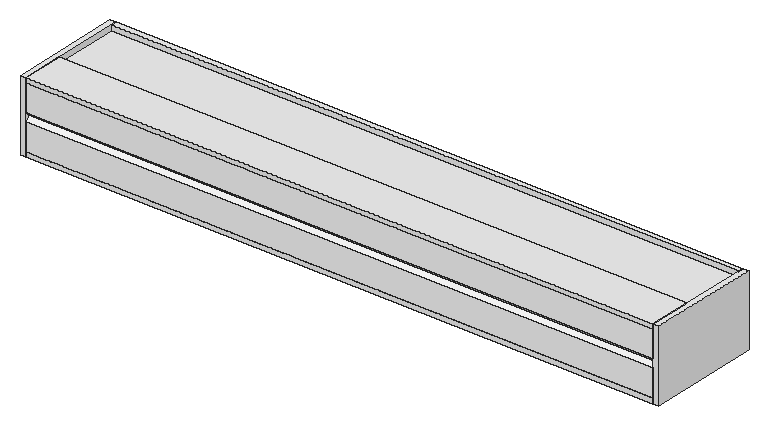
Revit family "4070741+4070747 Feilo Sylvania Lighting Fixture CURSUS 306MM 192LM WIDE LED 4K with SINGLE WALL HOUSING", category Lighting Fixtures, host Face, Revit 2017
Family settings
  Host = Face
  Round Connector Dimension = Use Diameter
  Part Type = Normal
  OmniClass Number = 23.80.70.14
  OmniClass Title = Luminaries for External Lighting
  Cut with Voids When Loaded = Yes
  Light Source = Yes
  Shared = Yes
  Room Calculation Point = No
Parameters (values of type "4070741 CURSUS 306MM 192LM WIDE LED 4K")
  Width_FEILO = 35 mm
  Weight = "0.6 kg"
  Wattage Comments = "n/a"
  Wattage = 4.5 W
  WarrantyStartDate [instance] = "n/a"
  WarrantyGuarantorParts = "n/a"
  WarrantyDurationUnit = "n/a"
  WarrantyDurationParts = "n/a"
  WarrantyDescription = "n/a"
  WallThickness_FEILO = 2.5 mm
  built-in parameter 1150110 = 1 (stored number, unit not read)
  Voltage = 24 V
  URL = "http://www.sylvania-lighting.com"
  TypeName = "CURSUS 306MM 192LM WIDE LED 4K"
  Type Image = <None>
  Type Comments = "n/a"
  built-in parameter 1114217 = 1 (stored number, unit not read)
  Tilt Angle = -90.00°
  built-in parameter 1150109 = 1 (stored number, unit not read)
  built-in parameter 1150134 = 12
  built-in parameter 1150113 = 1 (stored number, unit not read)
  SerialNumber [instance] = "n/a"
  ReflectorMaterial = none
  PowerFactor = 0
  PowerConsumption = "4.5 W"
  Photometric Web File = "4070741.ies"
  NominalLength = 306 mm
  NominalHeight = 50 mm
  NominalDepth = 30 mm
  Name = "CURSUS 306MM 192LM WIDE LED 4K"
  ModelReference = Name  # "CURSUS 306MM 192LM WIDE LED 4K"
  ModelNumber = "4070741"
  Model = Name  # "CURSUS 306MM 192LM WIDE LED 4K"
  Material = "natural anodised extruded aluminium structure housing"
  ManufacturerName = "Feilo Sylvania"
  Manufacturer = "Feilo Sylvania"
  LuminousEfficacy = "42.66 lm/W"
  built-in parameter 1150105 = 105.96 (stored number, unit not read)
  Lumens = 192 lm
  LuminaireType = ""
  built-in parameter 1150115 = 1 (stored number, unit not read)
  LightOutputRatio = "100"
  built-in parameter 1150137 = (empty or 0)
  built-in parameter 1150139 = (empty or 0)
  Length_FEILO = 312 mm
  LampsType = Lamp  # "LED"
  LampNominalLuminous = "192 lm"
  LampMacAdamStep = "n/a"
  LampColourTemperature = "4000 K"
  LampColourRenderingIndex = "80"
  built-in parameter 1150112 = 1 (stored number, unit not read)
  built-in parameter 1150114 = 1 (stored number, unit not read)
  Lamp = "LED"
  Keynote = "16500"
  InstallationDate [instance] = "n/a"
  InputVoltage = "24V DC"
  InputNominalFrequency = "n/a"
  built-in parameter 1150132 = (empty or 0)
  built-in parameter 1150102 = (empty or 0)
  built-in parameter 1150107 = 4000 (stored number, unit not read)
  built-in parameter 1150138 = (empty or 0)
  IngressProtection = "IP67"
  ImpactProtectionIndex = "IK07"
  built-in parameter 1150106 = 1.0596 (stored number, unit not read)
  IfcExportType = "IfcLightFixtureType"
  IfcExportAs = "IfcLightFixtureType"
  ExpectedLife = 50000
  EndCapRight [instance] = yes
  EndCapLeft [instance] = yes
  Emit from Rectangle Width = Width_FEILO - WallThickness_FEILO * 2  # 30 mm
  Emit from Rectangle Length = Length_FEILO - WallThickness_FEILO * 2  # 307 mm
  Emit Shape Visible in Rendering = no
  ElectricShockClassification = "Class III"
  built-in parameter 1150104 = 3.9639 (stored number, unit not read)
  DurationUnit = "hours"
  DocumentationLiterature = "http://www.sylvania-lighting.com/product/en-int/products/4070741"
  DimmingControlOptions = "n/a"
  Dimming Lamp Color Temperature Shift = <None>
  DiffuserMaterial = Diffuser-Sylvania-Glow
  Description = "LED Exterior Lighting Recessed Surface Mounted Linear Fixture, Natural anodised extruded aluminium structure. Die-cast aluminium end caps. Installation kit with harmonic steel springs., 192 lm, 4,5W,  42lm/W, 4000K, CRI80+,non dimmable,IP67, IK07, (HxWxD) 306x50x30mm, 3 step Mac Adam Ellipse, 0.6kg,, Classe III, 21-25V-DC, energy class : A++, A+, A"
  Default Elevation = 1219.2 mm
  CreatedOn = "1/8/2018"
  CreatedBy = ""
  Cost = 0
  Color Filter = 16777215
  built-in parameter 1114216 [instance] = (empty or 0)
  ClassificationValue = "EF_70_80"
  ClassificationName = "Uniclass2015"
  BodyMaterial = Body-Sylvania-Gray
  BarCode [instance] = "n/a"
  built-in parameter 1114218 = 1 (stored number, unit not read)
  built-in parameter 1150133 = 10 (stored number, unit not read)
  AssetType = "Fixed"
  AssetIdentifier [instance] = "n/a"
  Assembly Code = "D5020200"
  Apparent Load = 4.5 VA
  AccessoryMaterial = Diffuser-Sylvania-Glow
Reference planes
  plane 1 "Center (Front/Back)": y = 0
  plane 2: z = 0
  plane 3 "Center (Left/Right)": x = 0
  plane 4: x = 156
  plane 5: x = -156
  plane 6: x = -153.5
  plane 7: x = 153.5
  plane 8: z = 35
  plane 9: z = 17.5
  plane 10: z = 32.5
  plane 11: z = 2.5
  plane 12: z = 30
  plane 13: z = 5
  plane 14: y = -55
  plane 15: y = -53
  plane 16: y = -2.5
  plane 17: y = -37
  plane 18: y = -34.5
Forms (mm)
  Extrusion 1, solid, material "Body-Sylvania-Gray" <- "BodyMaterial"
    sketch origin (0, 0, 0) x (0, 1, 0) y (0, 0, 1)
      loop
        line (0, 35) -> (-2.5, 35) -> (-2.5, 32.5) -> (-34.5, 32.5) -> (-34.5, 35) -> (-55, 35) -> (-55, 32.5) -> (-37, 32.5) -> (-37, 30) -> (-2.5, 30) -> (-2.5, 5) -> (-37, 5) -> (-37, 2.5) -> (-55, 2.5) -> (-55, 0) -> (-34.5, 0) -> (-34.5, 2.5) -> (-2.5, 2.5) -> (-2.5, 0) -> (0, 0) -> (0, 35)
    from -153.5 to 153.5
  Extrusion 2, solid, material "Diffuser-Sylvania-Glow" <- "DiffuserMaterial"
    sketch origin (0, 0, 0) x (0, 1, 0) y (0, 0, 1)
      loop
        line (-37, 32.5) -> (-55, 32.5) -> (-55, 19.5) -> (-53, 17.5) -> (-55, 15.5) -> (-55, 2.5) -> (-37, 2.5) -> (-37, 32.5)
    from -153.5 to 153.5
  Extrusion 3, solid, material "Body-Sylvania-Gray" <- "BodyMaterial", visible <- "EndCapRight"
    sketch origin (153.5, 1524, 1219.2) x (0, 1, 0) y (0, 0, 1)
      loop
        line (-1579, -1184.2) -> (-1579, -1219.2) -> (-1524, -1219.2) -> (-1524, -1184.2) -> (-1579, -1184.2)
    from 0 to 2.5
  Extrusion 4, solid, material "Body-Sylvania-Gray" <- "BodyMaterial", visible <- "EndCapLeft"
    sketch origin (-153.5, 1524, 1219.2) x (0, 1, 0) y (0, 0, 1)
      loop
        line (-1579, -1184.2) -> (-1579, -1219.2) -> (-1524, -1219.2) -> (-1524, -1184.2) -> (-1579, -1184.2)
    from -2.5 to 0
Dimensions and locks
  equal spacing: plane 5, plane 3 "Center (Left/Right)", plane 4
  "Length_FEILO": plane 5 to plane 4
  equal spacing: plane 6, plane 3 "Center (Left/Right)", plane 7
  "WallThickness_FEILO": plane 5 to plane 6
  locked: plane 9 to plane 2 at 17.5
  locked: plane 8 to plane 2 at 35
  equal spacing: plane 11, plane 9, plane 10
  equal spacing: plane 13, plane 9, plane 12
  "WallThickness_FEILO": plane 12 to plane 10
  locked: plane 14 to plane 15 at 2
  locked: plane 14 to plane 17 at 18
  "WallThickness_FEILO": plane 17 to plane 18
  "WallThickness_FEILO": plane 16 to plane 1 "Center (Front/Back)"
  locked: plane 15 to Extrusion 2 sketch curve (angle 45.00°)
  locked: Extrusion 2 sketch curve to plane 15 (angle 45.00°)
  aligned and locked: plane 2 to host face
  aligned and locked: level to host face
  aligned and locked: plane 1 "Center (Front/Back)" to Extrusion 1 sketch curve
  aligned and locked: Extrusion 1 sketch curve to plane 8  (x2)
  aligned and locked: plane 16 to Extrusion 1 sketch curve
  aligned and locked: host face to Extrusion 1 sketch curve
  aligned and locked: Extrusion 1 sketch curve to plane 16  (x2)
  aligned and locked: Extrusion 1 sketch curve to plane 11
  aligned and locked: plane 18 to Extrusion 1 sketch curve
  aligned and locked: level to Extrusion 1 sketch curve
  aligned and locked: plane 11 to Extrusion 1 sketch curve
  aligned and locked: Extrusion 1 sketch curve to plane 17
  aligned and locked: plane 13 to Extrusion 1 sketch curve
  aligned and locked: Extrusion 1 sketch curve to plane 12
  aligned and locked: plane 10 to Extrusion 1 sketch curve  (x2)
  aligned and locked: plane 17 to Extrusion 1 sketch curve  (x2)
  aligned and locked: plane 12 to Extrusion 1 sketch curve
  aligned and locked: Extrusion 1 sketch curve to plane 10
  aligned and locked: Extrusion 1 sketch curve to plane 18
  aligned and locked: plane 7 to Extrusion 1
  aligned and locked: Extrusion 1 to plane 6
  aligned and locked: Extrusion 2 sketch curve to Extrusion 1  (x4)
  aligned and locked: Extrusion 1 to Extrusion 2 sketch curve
  aligned and locked: plane 9 to Extrusion 2 sketch curve
  aligned and locked: plane 7 to Extrusion 2
  aligned and locked: Extrusion 2 to plane 6
  aligned and locked: Extrusion 3 sketch curve to Extrusion 1  (x4)
  aligned and locked: plane 4 to Extrusion 3
  aligned and locked: Extrusion 3 to plane 7
  aligned and locked: Extrusion 4 sketch curve to Extrusion 3  (x3)
  aligned and locked: Extrusion 4 sketch curve to Extrusion 1
  aligned and locked: Extrusion 4 to plane 5
  aligned and locked: plane 6 to Extrusion 4
  aligned and locked: plane 14 to imposter light
  aligned and locked: imposter light to plane 9
  aligned and locked: plane 3 "Center (Left/Right)" to imposter light
Automatic sketch dimensions
  host sketch curve to host sketch curve = 2438.4 mm  (x2)
  Extrusion 1 sketch curve to plane 14 = 0 mm  (x2)
  Extrusion 2 sketch curve to plane 15 = 0 mm
Connectors
  electrical at (0, 0, 0), driven by "Apparent Load", driven by "PowerFactor", driven by "Voltage"
    settings: index 1, voltage 24 V, apparent load 4.5 VA, apparent load phase1 0 VA, apparent load phase2 0 VA, apparent load phase3 0 VA, power factor 0, load classification "Lighting", number of poles 1, system type 30, power factor state 1, is connector primary yes, connector utility no, sub classification motor no, connector description ""
